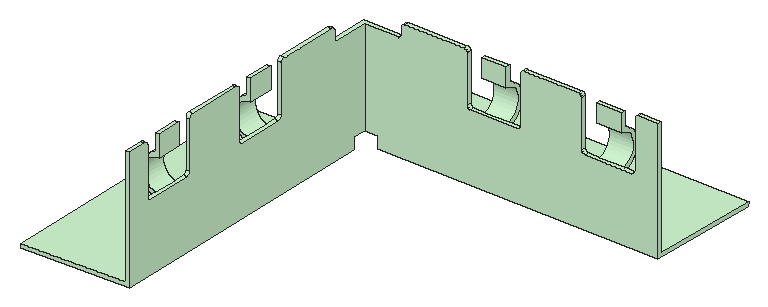
Revit family "25Lバー出隅J-eL3025(ツメ)", category 機械設備, Revit 2020
Family settings
  丸型コネクタ寸法 = 直径を使用
  種別 = なし
  パーツ タイプ = 標準
  作業面ベース = いいえ
  常に垂直 = はい
  ロード時にボイドで切り取り = いいえ
  共有 = いいえ
  部屋計算ポイント = いいえ
Parameters
  製造元 = "株式会社桐井製作所"
  既定の高さ = 0 mm
  URL = "https://www.kirii.co.jp/"
  K_材質 = "溶融亜鉛めっき鋼板及び鋼帯 SGCC 一般用"
  K_品名 = "25Lバー出隅J-eL3025(ツメ)"
  K_名称 = "Lバージョイント"
  K_入数 = "250"
  K_備考 = "対象Lバー:eL3025(25面)"
  K_バージョン情報 = "20220915"
  K_めっき付着量 = "Z12"
  K_JIS規格 = "JIS G 3302"
Reference planes
  plane 1 "中心(正面/背面)": y = 0
  plane 2: z = 0
  plane 3 "中心(左/右)": x = 0
Forms (mm)
  Extrusion 1, solid
    sketch origin (0, -0.819, 0) x (0, -1, 0) y (0, 0, 1)
      loop
        line (-0.8, 0.859) -> (-23.329, 0.278) -> (-23.301, -0.521) -> (0, 0.08) -> (0, 24.958) -> (-0.8, 24.958) -> (-0.8, 0.859)
    from -61 to -0.8
  Extrusion 2, solid
    sketch origin (0, 0.824, 0) x (-1, 0, 0) y (0, 0, -1)
      loop
        line (-0.8, -0.081) -> (-0.8, -24.987) -> (0, -24.987) -> (0, -0.86) -> (21.71, -0.287) -> (21.682, 0.513) -> (-0.8, -0.081)
    from 0.824 to 61.824
  Extrusion 3, void
    sketch origin (77.672, -0.019, -0.542) x (-1, 0, 0) y (0, 0, -1)
      loop
        arc (21.2, -24.8) -> (20.995, -25.295) -> (20.5, -25.5) r 0.7
        line (20.5, -25.5) -> (32.9, -25.5)
        arc (32.9, -25.5) -> (32.405, -25.295) -> (32.2, -24.8) r 0.7
        line (32.2, -24.8) -> (32.2, -15.2)
        arc (32.2, -15.2) -> (31.995, -14.705) -> (31.5, -14.5) r 0.7
        line (31.5, -14.5) -> (21.9, -14.5)
        arc (21.9, -14.5) -> (21.405, -14.705) -> (21.2, -15.2) r 0.7
        line (21.2, -15.2) -> (21.2, -24.8)
    from 0 to 0.8
  Extrusion 4, void
    sketch origin (54.172, -0.019, -0.542) x (-1, 0, 0) y (0, 0, -1)
      loop
        arc (21.2, -24.8) -> (20.995, -25.295) -> (20.5, -25.5) r 0.7
        line (20.5, -25.5) -> (32.9, -25.5)
        arc (32.9, -25.5) -> (32.405, -25.295) -> (32.2, -24.8) r 0.7
        line (32.2, -24.8) -> (32.2, -15.2)
        arc (32.2, -15.2) -> (31.995, -14.705) -> (31.5, -14.5) r 0.7
        line (31.5, -14.5) -> (21.9, -14.5)
        arc (21.9, -14.5) -> (21.405, -14.705) -> (21.2, -15.2) r 0.7
        line (21.2, -15.2) -> (21.2, -24.8)
    from 0 to 0.8
  Extrusion 5, void
    sketch origin (0, -24.3, 0) x (0, -1, 0) y (0, 0, -1)
      loop
        arc (21.2, -24.287) -> (20.995, -24.782) -> (20.5, -24.987) r 0.7
        line (20.5, -24.987) -> (32.9, -24.987)
        arc (32.9, -24.987) -> (32.405, -24.782) -> (32.2, -24.287) r 0.7
        line (32.2, -24.287) -> (32.2, -14.687)
        arc (32.2, -14.687) -> (31.995, -14.192) -> (31.5, -13.987) r 0.7
        line (31.5, -13.987) -> (21.9, -13.987)
        arc (21.9, -13.987) -> (21.405, -14.192) -> (21.2, -14.687) r 0.7
        line (21.2, -14.687) -> (21.2, -24.287)
    from 0 to 0.8
  Extrusion 6, void
    sketch origin (0, -0.8, -0.513) x (0, -1, 0) y (0, 0, -1)
      loop
        arc (21.2, -24.8) -> (20.995, -25.295) -> (20.5, -25.5) r 0.7
        line (20.5, -25.5) -> (32.9, -25.5)
        arc (32.9, -25.5) -> (32.405, -25.295) -> (32.2, -24.8) r 0.7
        line (32.2, -24.8) -> (32.2, -15.2)
        arc (32.2, -15.2) -> (31.995, -14.705) -> (31.5, -14.5) r 0.7
        line (31.5, -14.5) -> (21.9, -14.5)
        arc (21.9, -14.5) -> (21.405, -14.705) -> (21.2, -15.2) r 0.7
        line (21.2, -15.2) -> (21.2, -24.8)
    from 0 to 0.8
  Extrusion 7, solid
    sketch origin (0, -122.747, -6.122) x (1, 0, 0) y (0, 0, 1)
      loop
        line (0.8, 26.797) -> (0.8, 31.109) -> (0, 31.109) -> (0, 27.478)
        arc (0, 27.478) -> (-3.2, 23.378) -> (0, 19.278) r 4.227
        line (0, 19.278) -> (0, 20.109)
        arc (0, 20.109) -> (-2.376, 23.785) -> (0.8, 26.797) r 3.427
    from -74.3 to -69.3
  Extrusion 8, solid
    sketch origin (0, -99.247, -6.122) x (1, 0, 0) y (0, 0, 1)
      loop
        line (0.8, 26.797) -> (0.8, 31.109) -> (0, 31.109) -> (0, 27.478)
        arc (0, 27.478) -> (-3.2, 23.378) -> (0, 19.278) r 4.227
        line (0, 19.278) -> (0, 20.109)
        arc (0, 20.109) -> (-2.376, 23.785) -> (0.8, 26.797) r 3.427
    from -74.3 to -69.3
  Extrusion 9, void
    sketch origin (0, 0, 0) x (0, 1, 0) y (0, 0, 1)
      loop
        line (-7.8, 22.187) -> (0, 22.187) -> (0, 24.987) -> (-9.2, 24.987)
        arc (-9.2, 24.987) -> (-8.705, 24.782) -> (-8.5, 24.287) r 0.7
        line (-8.5, 24.287) -> (-8.5, 22.887)
        arc (-8.5, 22.887) -> (-8.295, 22.392) -> (-7.8, 22.187) r 0.7
    from 0 to 0.8
  Extrusion 10, void
    sketch origin (0, 0, 0) x (1, 0, 0) y (0, 0, 1)
      loop
        line (9.2, 24.958) -> (0.8, 24.958) -> (0.8, 22.158) -> (7.8, 22.158)
        arc (7.8, 22.158) -> (8.295, 22.363) -> (8.5, 22.858) r 0.7
        line (8.5, 22.858) -> (8.5, 24.258)
        arc (8.5, 24.258) -> (8.705, 24.753) -> (9.2, 24.958) r 0.7
    from 0 to 0.819
  Extrusion 11, void
    sketch origin (0, 0, 0) x (0, 1, 0) y (0, 0, 1)
      loop
        line (-0.819, 2.487) -> (-0.819, -1.042) -> (22.867, -1.042) -> (22.867, 2.487) -> (-0.819, 2.487)
    from 0 to 3.5
  Extrusion 12, void
    sketch origin (0, 0, 0) x (0, 1, 0) y (0, 0, 1)
      loop
        line (0, 2.487) -> (-3.5, 2.487) -> (-3.5, -1.132) -> (0, -1.132) -> (0, 2.487)
    from -22.081 to 0.8
  Extrusion 13, solid
    sketch origin (-44.358, -0.019, -6.152) x (0, -1, 0) y (0, 0, 1)
      loop
        line (0.8, 26.797) -> (0.8, 30.567) -> (0, 30.567) -> (0, 27.478)
        arc (0, 27.478) -> (-3.2, 23.378) -> (0, 19.278) r 4.227
        line (0, 19.278) -> (0, 20.109)
        arc (0, 20.109) -> (-2.376, 23.785) -> (0.8, 26.797) r 3.427
    from -74.3 to -69.3
  Extrusion 14, solid
    sketch origin (-20.702, -0.019, -6.152) x (0, -1, 0) y (0, 0, 1)
      loop
        line (0.8, 26.797) -> (0.8, 30.567) -> (0, 30.567) -> (0, 27.478)
        arc (0, 27.478) -> (-3.2, 23.378) -> (0, 19.278) r 4.227
        line (0, 19.278) -> (0, 20.109)
        arc (0, 20.109) -> (-2.376, 23.785) -> (0.8, 26.797) r 3.427
    from -74.3 to -69.3
Cuts and joins
  Extrusion 3, Extrusion 4, Extrusion 10, Extrusion 11 cuts Extrusion 1
  Extrusion 5, Extrusion 6, Extrusion 9, Extrusion 12 cuts Extrusion 2
  joined: Extrusion 1, Extrusion 2, Extrusion 7, Extrusion 8, Extrusion 13, Extrusion 14
Dimensions and locks
  aligned and locked: level to plane 2
